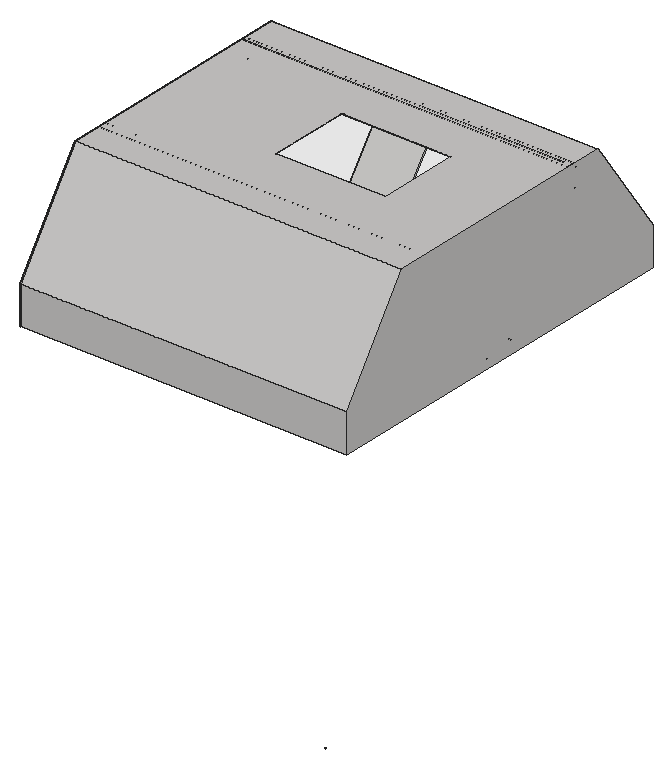
Revit family "QF_ELECTROLUXPROFESSIONAL_642345_BC1412DT", category Specialty Equipment, Revit 2014
Reference planes
  plane 1: z = 0
  plane 2 "Center (Left/Right)": x = 150
  plane 3 "LEFT": x = -450
  plane 4 "RIGHT": x = 750
  plane 5 "BACK": y = 550
  plane 6 "TOP": z = 2500
  plane 7 "Base": z = 2000
  plane 8: z = 1946
  plane 9: x = -447
  plane 10 "DrainX": x = 599
  plane 11 "AOLeft2": x = 450
  plane 12: x = 747
  plane 13: x = -250
  plane 14: x = 550
  plane 15: x = 50
  plane 16: x = 250
  plane 17 "AOLeft1": x = 50
  plane 18: y = 0
  plane 19: y = -300
  plane 20 "Center (Front/Back)": y = -150
  plane 21: y = -850
  plane 22: through (0, -201.379, 2046.209) normal (0, 0.8019, 0.5974)
  plane 23: through (0, -98.621, 2046.209) normal (0, 0.8019, -0.5974)
  plane 24: z = 2140
Forms (mm)
  Extrusion 1, solid, material "QF_Finishes_Stainless Steel"
    sketch origin (-450, 0, 360) x (0, 1, 0) y (0, 0, 1)
      loop
        line (550, 1640) -> (550, 1780) -> (299.446, 2140) -> (-599.446, 2140) -> (-850, 1780) -> (-850, 1640) -> (550, 1640)
    from 0 to 3
  Extrusion 2, solid, material "QF_Finishes_Stainless Steel"
    sketch origin (750, 0, 360) x (0, 1, 0) y (0, 0, 1)
      loop
        line (550, 1640) -> (550, 1780) -> (299.446, 2140) -> (-599.446, 2140) -> (-850, 1780) -> (-850, 1640) -> (550, 1640)
    from 0 to -3
  Extrusion 3, solid, material "QF_Finishes_Stainless Steel"
    sketch origin (150, 0, 360) x (0, 1, 0) y (0, 0, 1)
      loop
        line (-599.446, 2140) -> (-850, 1780) -> (-850, 1640) -> (-840, 1640) -> (-840, 1640.8) -> (-849.2, 1640.8) -> (-849.2, 1779.739) -> (-599.025, 2139.19) -> (299.025, 2139.19) -> (549.2, 1779.739) -> (549.2, 1640.8) -> (540, 1640.8) -> (540, 1640) -> (550, 1640) -> (550, 1780) -> (299.446, 2140) -> (-599.446, 2140)
    from -600 to 600
  Extrusion 4, void
    sketch origin (0, 0, 2500) x (0, 1, 0) y (-1, 0, 0)
      loop
        line (0, -450) -> (0, -50) -> (-300, -50) -> (-300, -450) -> (0, -450)
    from 0 to -10
  Extrusion 5, solid, material "QF_Finishes_Stainless Steel"
    sketch origin (0, 0, 0) x (1, 0, 0) y (0, 1, 0)
      loop
        line (-450, 550) -> (-450, 549) -> (-449, 549) -> (-449, 550) -> (-450, 550)
    from 0 to 1
  Extrusion 6, solid, material "QF_Finishes_Stainless Steel"
    sketch origin (150, -400, 360) x (0, 1, 0) y (0, 0, 1)
      loop
        line (-98.883, 2085.553) -> (198.621, 1686.209) -> (214.66, 1698.157) -> (-82.844, 2097.501) -> (-98.883, 2085.553)
      loop
        line (598.883, 2085.553) -> (582.844, 2097.501) -> (285.34, 1698.157) -> (301.379, 1686.209) -> (598.883, 2085.553)
    from -400 to -597
  Extrusion 7, solid, material "QF_Finishes_Stainless Steel"
    sketch origin (150, -400, 360) x (0, 1, 0) y (0, 0, 1)
      loop
        arc (316.056, 1704.554) -> (315.455, 1704.706) -> (314.923, 1704.389) r 0.81
        line (314.923, 1704.389) -> (300.465, 1684.991) -> (283.389, 1687.002) -> (286.391, 1712.615) -> (285.593, 1712.708) -> (282.594, 1687.095)
        arc (282.594, 1687.095) -> (282.763, 1686.499) -> (283.305, 1686.197) r 0.81
        line (283.305, 1686.197) -> (300.372, 1684.196)
        arc (300.372, 1684.196) -> (300.787, 1684.257) -> (301.116, 1684.517) r 0.81
        line (301.116, 1684.517) -> (315.564, 1703.911) -> (326.308, 1695.919) -> (300.145, 1660.79) -> (199.855, 1660.79) -> (173.692, 1695.919) -> (184.436, 1703.911) -> (198.884, 1684.517)
        arc (198.884, 1684.517) -> (199.213, 1684.257) -> (199.628, 1684.196) r 0.81
        line (199.628, 1684.196) -> (216.695, 1686.197)
        arc (216.695, 1686.197) -> (217.237, 1686.499) -> (217.406, 1687.095) r 0.81
        line (217.406, 1687.095) -> (214.407, 1712.708) -> (213.609, 1712.615) -> (216.611, 1687.002) -> (199.535, 1684.991) -> (185.077, 1704.389)
        arc (185.077, 1704.389) -> (184.545, 1704.706) -> (183.944, 1704.554) r 0.81
        line (183.944, 1704.554) -> (173.214, 1696.561)
        arc (173.214, 1696.561) -> (172.897, 1696.028) -> (173.049, 1695.427) r 0.81
        line (173.049, 1695.427) -> (199.157, 1660.381)
        arc (199.157, 1660.381) -> (199.5, 1660.093) -> (199.937, 1659.99) r 0.972
        line (199.937, 1659.99) -> (300.049, 1659.99)
        arc (300.049, 1659.99) -> (300.498, 1660.096) -> (300.851, 1660.393) r 1
        line (300.851, 1660.393) -> (326.951, 1695.427)
        arc (326.951, 1695.427) -> (327.103, 1696.028) -> (326.786, 1696.561) r 0.81
        line (326.786, 1696.561) -> (316.056, 1704.554)
      loop
        line (-92.735, 2139.19) -> (-92.735, 2129.205) -> (-117.587, 2110.686)
        arc (-117.587, 2110.686) -> (-117.904, 2110.153) -> (-117.752, 2109.552) r 0.81
        line (-117.752, 2109.552) -> (-84.894, 2065.446) -> (-95.625, 2057.438) -> (-95.147, 2056.796) -> (-84.418, 2064.79)
        arc (-84.418, 2064.79) -> (-84.1, 2065.322) -> (-84.252, 2065.923) r 0.81
        line (-84.252, 2065.923) -> (-117.117, 2110.038) -> (-91.935, 2128.798) -> (-91.935, 2138.4) -> (-62.776, 2138.4) -> (-62.776, 2070.563) -> (-61.976, 2069.49) -> (-61.976, 2139.19) -> (-92.735, 2139.19)
      loop
        line (592.735, 2139.19) -> (561.976, 2139.19) -> (561.976, 2069.49) -> (562.776, 2070.563) -> (562.776, 2138.4) -> (591.935, 2138.4) -> (591.935, 2128.798) -> (617.117, 2110.038) -> (584.252, 2065.923)
        arc (584.252, 2065.923) -> (584.1, 2065.322) -> (584.418, 2064.79) r 0.81
        line (584.418, 2064.79) -> (595.147, 2056.796) -> (595.625, 2057.438) -> (584.894, 2065.446) -> (617.752, 2109.552)
        arc (617.752, 2109.552) -> (617.904, 2110.153) -> (617.587, 2110.686) r 0.81
        line (617.587, 2110.686) -> (592.735, 2129.205) -> (592.735, 2139.19)
    from -597 to 597
  Extrusion 8, solid, material "QF_Finishes_Stainless Steel"
    sketch origin (150, -400, 360) x (0, 1, 0) y (0, 0, 1)
      loop
        line (-98.883, 2085.553) -> (198.621, 1686.209) -> (214.66, 1698.157) -> (-82.844, 2097.501) -> (-98.883, 2085.553)
      loop
        line (598.883, 2085.553) -> (582.844, 2097.501) -> (285.34, 1698.157) -> (301.379, 1686.209) -> (598.883, 2085.553)
    from 597 to 400
  Extrusion 9, solid, material "QF_Finishes_Stainless Steel"
    sketch origin (150, -400, 360) x (0, 1, 0) y (0, 0, 1)
      loop
        line (-98.883, 2085.553) -> (198.621, 1686.209) -> (214.66, 1698.157) -> (-82.844, 2097.501) -> (-98.883, 2085.553)
      loop
        line (598.883, 2085.553) -> (582.844, 2097.501) -> (285.34, 1698.157) -> (301.379, 1686.209) -> (598.883, 2085.553)
    from -100 to 100
  Extrusion 10, solid, material "QF_Finished_Chrome"
    sketch origin (150, -400, 360) x (0, 1, 0) y (0, 0, 1)
      loop
        line (-98.883, 2085.553) -> (198.621, 1686.209) -> (214.66, 1698.157) -> (-82.844, 2097.501) -> (-98.883, 2085.553)
      loop
        line (598.883, 2085.553) -> (582.844, 2097.501) -> (285.34, 1698.157) -> (301.379, 1686.209) -> (598.883, 2085.553)
    from -400 to -100
  Extrusion 11, solid, material "QF_Finished_Chrome"
    sketch origin (150, -400, 360) x (0, 1, 0) y (0, 0, 1)
      loop
        line (-98.883, 2085.553) -> (198.621, 1686.209) -> (214.66, 1698.157) -> (-82.844, 2097.501) -> (-98.883, 2085.553)
      loop
        line (598.883, 2085.553) -> (582.844, 2097.501) -> (285.34, 1698.157) -> (301.379, 1686.209) -> (598.883, 2085.553)
    from 100 to 400
  Sweep 12, solid, material "QF_Finishes_Stainless Steel"
    path origin (0, 0, 0) x (1, 0, 0) y (0, 1, 0)
      loop
        line (750, 550) -> (-450, 550) -> (-450, -850) -> (750, -850) -> (750, 550)
    profile origin (750, -150, 0) x (1, 0, 0) y (0, 0, 1)
      loop
        line (-3, 2000) -> (-3, 2000.8) -> (-19, 2000.8) -> (-19, 2010) -> (-20, 2010) -> (-20, 2000) -> (-3, 2000)
  Extrusion 13, solid, material "QF_Finishes_Stainless Steel"
    sketch origin (599, 0, 0) x (0, 1, 0) y (0, 0, 1)
      loop
        arc (-118.5, 1946) -> (-111.429, 1948.929) -> (-108.5, 1956) r 10
        line (-108.5, 1956) -> (-108.5, 2000.8) -> (-191.5, 2000.8) -> (-191.5, 1956)
        arc (-191.5, 1956) -> (-188.571, 1948.929) -> (-181.5, 1946) r 10
        line (-181.5, 1946) -> (-118.5, 1946)
    from -90 to 90
  Extrusion 14, solid, material "QF_Finishes_Stainless Steel"
    sketch origin (0, -1100, 2000) x (0, 1, 0) y (-1, 0, 0)
      loop
        circle (950, -599) r 6.35
    from -3.799 to 0
Cuts and joins
  Extrusion 4 cuts Extrusion 3
  joined: Extrusion 2, Extrusion 3, Sweep 12
Lines and regions (mm)
  symbolic lines, style "SpecialityEquipment", detail levels coarse
    curve 1: line (750, 550, 2500) -> (-450, 550, 2500)
    curve 2: line (-450, 550, 2500) -> (-450, -850, 2500)
    curve 3: line (750, -850, 2500) -> (750, 550, 2500)
    curve 4: line (-450, 299.025, 0) -> (749.504, -599.025, 0)
    curve 5: line (749.568, 299.025, 0) -> (-450, -599.025, 0)
  symbolic lines, detail levels coarse
    curve 6: line (50, -300, 0) -> (450, -300, 0)
    curve 7: line (50, 0, 0) -> (50, -300, 0)
    curve 8: line (450, 0, 0) -> (50, 0, 0)
    curve 9: line (450, -300, 0) -> (450, 0, 0)
    curve 10: line (-450, 299.025, 0) -> (749.568, 299.025, 0)
    curve 11: line (749.504, -599.025, 0) -> (-450, -599.025, 0)
    curve 12: line (747, -849.2, 0) -> (-450, -849.2, 0)
Dimensions and locks
  plane 3 "LEFT" to plane 4 "RIGHT" = 1200 mm
  equal spacing: plane 3 "LEFT", plane 2 "Center (Left/Right)", plane 4 "RIGHT"
  plane 3 "LEFT" to plane 9 = 3 mm
  plane 10 "DrainX" to plane 4 "RIGHT" = 151 mm
  plane 12 to plane 4 "RIGHT" = 3 mm
  plane 3 "LEFT" to plane 13 = 200 mm
  plane 14 to plane 4 "RIGHT" = 200 mm
  locked: plane 7 "Base" to level at 2000
  locked: plane 15 to plane 16 at 200
  equal spacing: plane 15, plane 2 "Center (Left/Right)", plane 16
  plane 7 "Base" to plane 8 = 54 mm
  locked: plane 6 "TOP" to plane 7 "Base" at 500
  plane 5 "BACK" to plane 21 = 1400 mm  (x2)
  equal spacing: plane 5 "BACK", plane 20 "Center (Front/Back)", plane 21
  plane 19 to plane 18 = 300 mm
  equal spacing: plane 19, plane 20 "Center (Front/Back)", plane 18
  plane 24 to plane 7 "Base" = 140 mm
  locked: plane 17 "AOLeft1" to plane 11 "AOLeft2" at 400
  aligned and locked: level to plane 1
  aligned and locked: plane 4 "RIGHT" to Extrusion 3
  aligned and locked: Extrusion 3 to plane 3 "LEFT"
  aligned and locked: Extrusion 6 to plane 9
  aligned and locked: plane 13 to Extrusion 6
  aligned and locked: Extrusion 2 to plane 12
  aligned and locked: plane 12 to Extrusion 8
  aligned and locked: Extrusion 8 to plane 14
  aligned and locked: plane 16 to Extrusion 9
  aligned and locked: Extrusion 9 to plane 15
  aligned and locked: plane 15 to Extrusion 10
  aligned and locked: Extrusion 10 to plane 13
  aligned and locked: Extrusion 11 to plane 16
  aligned and locked: Extrusion 11 to plane 14
  aligned and locked: Extrusion 7 to plane 9
  aligned and locked: plane 12 to Extrusion 7
  aligned and locked: Extrusion 4 to plane 17 "AOLeft1"
  aligned and locked: Extrusion 4 to plane 11 "AOLeft2"
  aligned and locked: plane 19 to Extrusion 4
  aligned and locked: plane 18 to Extrusion 4
Automatic sketch dimensions
  Extrusion 4 sketch curve to plane 11 "AOLeft2" = 0 mm
  Extrusion 4 sketch curve to plane 17 "AOLeft1" = 0 mm
  Extrusion 5 sketch curve to plane 3 "LEFT" = 0 mm
  Extrusion 5 sketch curve to plane 5 "BACK" = 0 mm
  plane 3 "LEFT" to Extrusion 5 sketch curve = 1 mm
  Extrusion 5 sketch curve to Extrusion 5 sketch curve = 1 mm
  Sweep 12 sketch curve to plane 3 "LEFT" = 0 mm
  Sweep 12 sketch curve to plane 4 "RIGHT" = 0 mm
  Sweep 12 sketch curve to plane 5 "BACK" = 0 mm
  profile plane to Sweep 12 sketch curve = 20 mm
  Sweep 12 sketch curve to Sweep 12 sketch curve = 1 mm
  profile plane to Sweep 12 sketch curve = 3 mm
  level to Sweep 12 sketch curve = 2000 mm
  Sweep 12 sketch curve to Sweep 12 sketch curve = 0.8 mm
  Sweep 12 sketch curve to Sweep 12 sketch curve = 9.2 mm
  plane 19 to Sweep 12 sketch curve = 550 mm
  plane 19 to Extrusion 4 sketch curve = 0 mm
  Extrusion 4 sketch curve to plane 18 = 0 mm
  Extrusion 14 sketch curve to plane 10 "DrainX" = 0 mm
  Extrusion 14 sketch curve to plane 20 "Center (Front/Back)" = 0 mm
  Extrusion 13 sketch curve to plane 8 = 0 mm
  plane 8 to Extrusion 13 sketch curve = 10 mm
  Extrusion 13 sketch curve to plane 20 "Center (Front/Back)" = 41.5 mm
  plane 20 "Center (Front/Back)" to Extrusion 13 sketch curve = 31.5 mm
  plane 7 "Base" to Extrusion 13 sketch curve = 0.8 mm
  plane 20 "Center (Front/Back)" to Extrusion 13 sketch curve = 41.5 mm
  plane 19 to Extrusion 6 sketch curve = 198.883 mm
  Extrusion 6 sketch curve to plane 6 "TOP" = 42.499 mm  (x2)
  Extrusion 6 sketch curve to Extrusion 6 sketch curve = 16.039 mm  (x2)
  Extrusion 6 sketch curve to plane 20 "Center (Front/Back)" = 51.379 mm
  plane 20 "Center (Front/Back)" to Extrusion 6 sketch curve = 35.34 mm
  plane 18 to Extrusion 6 sketch curve = 182.844 mm
  Extrusion 6 sketch curve to Extrusion 6 sketch curve = 11.948 mm  (x2)
  Extrusion 7 sketch curve to plane 6 "TOP" = 30.448 mm  (x2)
  plane 19 to Extrusion 7 sketch curve = 217.752 mm
  Extrusion 7 sketch curve to plane 6 "TOP" = 29.314 mm  (x2)
  Extrusion 7 sketch curve to Extrusion 7 sketch curve = 0.166 mm  (x3)
  Extrusion 7 sketch curve to plane 6 "TOP" = 29.962 mm  (x2)
  Extrusion 7 sketch curve to Extrusion 7 sketch curve = 0.47 mm  (x2)
  Extrusion 7 sketch curve to Extrusion 7 sketch curve = 0.014 mm  (x2)
  Extrusion 7 sketch curve to plane 6 "TOP" = 82.562 mm  (x2)
  Extrusion 7 sketch curve to Extrusion 7 sketch curve = 22.127 mm
  Extrusion 7 sketch curve to plane 6 "TOP" = 83.204 mm  (x2)
  Extrusion 7 sketch curve to Extrusion 7 sketch curve = 0.478 mm  (x5)
  Extrusion 7 sketch curve to plane 6 "TOP" = 0.81 mm  (x2)
  Extrusion 7 sketch curve to Extrusion 7 sketch curve = 24.852 mm
  Extrusion 7 sketch curve to Extrusion 7 sketch curve = 0.8 mm  (x5)
  Extrusion 7 sketch curve to Extrusion 7 sketch curve = 10.724 mm
  Extrusion 7 sketch curve to plane 6 "TOP" = 74.554 mm  (x2)
  Extrusion 7 sketch curve to Extrusion 7 sketch curve = 0.008 mm  (x6)
  Extrusion 7 sketch curve to plane 6 "TOP" = 75.21 mm  (x2)
  Extrusion 7 sketch curve to plane 6 "TOP" = 74.077 mm  (x2)
  Extrusion 7 sketch curve to Extrusion 7 sketch curve = 0.642 mm  (x2)
  Extrusion 7 sketch curve to plane 6 "TOP" = 69.437 mm  (x2)
  Extrusion 7 sketch curve to Extrusion 7 sketch curve = 21.476 mm  (x2)
  Extrusion 7 sketch curve to plane 19 = 73.049 mm
  Extrusion 7 sketch curve to Extrusion 7 sketch curve = 0.006 mm  (x4)
  Extrusion 7 sketch curve to Extrusion 7 sketch curve = 10.73 mm  (x3)
  Extrusion 7 sketch curve to Extrusion 7 sketch curve = 0.484 mm  (x4)
  Extrusion 7 sketch curve to Extrusion 7 sketch curve = 0.641 mm  (x2)
  Extrusion 7 sketch curve to Extrusion 7 sketch curve = 14.448 mm
  plane 7 "Base" to Extrusion 7 sketch curve = 20.381 mm
  Extrusion 7 sketch curve to Extrusion 7 sketch curve = 0.273 mm
  Extrusion 7 sketch curve to Extrusion 7 sketch curve = 0.65 mm  (x2)
  Extrusion 7 sketch curve to Extrusion 7 sketch curve = 0.001 mm  (x4)
  Extrusion 7 sketch curve to Extrusion 7 sketch curve = 0.093 mm  (x2)
  plane 7 "Base" to Extrusion 7 sketch curve = 20.79 mm
  Extrusion 7 sketch curve to Extrusion 7 sketch curve = 0.698 mm
  Extrusion 7 sketch curve to Extrusion 7 sketch curve = 0.081 mm
  Extrusion 7 sketch curve to Extrusion 7 sketch curve = 28.531 mm
  Extrusion 7 sketch curve to Extrusion 7 sketch curve = 0.799 mm  (x2)
  Extrusion 7 sketch curve to Extrusion 7 sketch curve = 17.067 mm  (x2)
  Extrusion 7 sketch curve to Extrusion 7 sketch curve = 0.01 mm  (x4)
  Extrusion 7 sketch curve to Extrusion 7 sketch curve = 0.094 mm
  Extrusion 7 sketch curve to Extrusion 7 sketch curve = 0.795 mm  (x2)
  plane 20 "Center (Front/Back)" to Extrusion 7 sketch curve = 32.594 mm
  Extrusion 7 sketch curve to Extrusion 7 sketch curve = 0.71 mm
  Extrusion 7 sketch curve to Extrusion 7 sketch curve = 2.998 mm
  Extrusion 7 sketch curve to Extrusion 7 sketch curve = 16.745 mm
  Extrusion 7 sketch curve to Extrusion 7 sketch curve = 0.095 mm
  plane 7 "Base" to Extrusion 7 sketch curve = 20.393 mm
  Extrusion 7 sketch curve to Extrusion 7 sketch curve = 0.707 mm
  Extrusion 7 sketch curve to Extrusion 7 sketch curve = 0.651 mm
  Extrusion 7 sketch curve to Extrusion 7 sketch curve = 14.456 mm
  Extrusion 7 sketch curve to plane 6 "TOP" = 70.51 mm  (x2)
  plane 18 to Extrusion 7 sketch curve = 161.976 mm
  Extrusion 7 sketch curve to plane 6 "TOP" = 1.6 mm
  Extrusion 7 sketch curve to Extrusion 7 sketch curve = 29.159 mm
  Extrusion 7 sketch curve to Extrusion 7 sketch curve = 24.368 mm
  Extrusion 7 sketch curve to Extrusion 7 sketch curve = 0.636 mm
  Extrusion 7 sketch curve to Extrusion 7 sketch curve = 23.206 mm
  Extrusion 7 sketch curve to Extrusion 7 sketch curve = 23.234 mm
  Extrusion 7 sketch curve to Extrusion 7 sketch curve = 0.321 mm  (x2)
  Extrusion 7 sketch curve to Extrusion 7 sketch curve = 2.001 mm  (x2)
  Extrusion 7 sketch curve to Extrusion 7 sketch curve = 0.804 mm  (x2)
  Extrusion 7 sketch curve to Extrusion 7 sketch curve = 10.911 mm  (x2)
  Extrusion 7 sketch curve to Extrusion 7 sketch curve = 7.993 mm  (x2)
  Extrusion 7 sketch curve to Extrusion 7 sketch curve = 25.613 mm  (x2)
  Extrusion 7 sketch curve to Extrusion 7 sketch curve = 0.407 mm  (x2)
  Extrusion 7 sketch curve to Extrusion 7 sketch curve = 0.79 mm
  Extrusion 3 sketch curve to plane 7 "Base" = 0 mm  (x2)
  Extrusion 3 sketch curve to plane 21 = 0 mm
  Extrusion 3 sketch curve to plane 5 "BACK" = 0 mm
  plane 21 to Extrusion 3 sketch curve = 0.8 mm
  plane 7 "Base" to Extrusion 3 sketch curve = 0.8 mm  (x2)
  Extrusion 3 sketch curve to Extrusion 3 sketch curve = 9.2 mm
  plane 21 to Extrusion 3 sketch curve = 250.554 mm
  Extrusion 3 sketch curve to Extrusion 3 sketch curve = 0.421 mm  (x2)
  Extrusion 3 sketch curve to plane 6 "TOP" = 0.81 mm
  Extrusion 3 sketch curve to plane 5 "BACK" = 250.975 mm
  Extrusion 3 sketch curve to plane 5 "BACK" = 10 mm
  Extrusion 3 sketch curve to plane 5 "BACK" = 0.8 mm
  Extrusion 3 sketch curve to Extrusion 3 sketch curve = 138.939 mm  (x2)
  Extrusion 3 sketch curve to Extrusion 3 sketch curve = 0.261 mm  (x2)
  Extrusion 3 sketch curve to plane 6 "TOP" = 0 mm
  Extrusion 1 sketch curve to plane 7 "Base" = 0 mm
  Extrusion 1 sketch curve to plane 21 = 0 mm
  Extrusion 1 sketch curve to plane 6 "TOP" = 0 mm
  Extrusion 1 sketch curve to plane 5 "BACK" = 0 mm
  Extrusion 1 sketch curve to plane 5 "BACK" = 250.554 mm
  plane 7 "Base" to Extrusion 1 sketch curve = 140 mm
  Extrusion 1 sketch curve to Extrusion 1 sketch curve = 140 mm
  plane 21 to Extrusion 1 sketch curve = 250.554 mm
  plane 19 to Extrusion 10 sketch curve = 198.883 mm
  Extrusion 10 sketch curve to plane 6 "TOP" = 42.499 mm  (x2)
  Extrusion 10 sketch curve to Extrusion 10 sketch curve = 16.039 mm  (x2)
  Extrusion 10 sketch curve to plane 20 "Center (Front/Back)" = 51.379 mm
  plane 20 "Center (Front/Back)" to Extrusion 10 sketch curve = 35.34 mm
  plane 18 to Extrusion 10 sketch curve = 182.844 mm
  Extrusion 10 sketch curve to Extrusion 10 sketch curve = 11.948 mm  (x2)
  plane 19 to Extrusion 9 sketch curve = 198.883 mm
  Extrusion 9 sketch curve to plane 6 "TOP" = 42.499 mm  (x2)
  Extrusion 9 sketch curve to Extrusion 9 sketch curve = 16.039 mm  (x2)
  Extrusion 9 sketch curve to plane 20 "Center (Front/Back)" = 51.379 mm
  plane 20 "Center (Front/Back)" to Extrusion 9 sketch curve = 35.34 mm
  plane 18 to Extrusion 9 sketch curve = 182.844 mm
  Extrusion 9 sketch curve to Extrusion 9 sketch curve = 11.948 mm  (x2)
  plane 19 to Extrusion 11 sketch curve = 198.883 mm
  Extrusion 11 sketch curve to plane 6 "TOP" = 42.499 mm  (x2)
  Extrusion 11 sketch curve to Extrusion 11 sketch curve = 16.039 mm  (x2)
  Extrusion 11 sketch curve to plane 20 "Center (Front/Back)" = 51.379 mm
  plane 20 "Center (Front/Back)" to Extrusion 11 sketch curve = 35.34 mm
  plane 18 to Extrusion 11 sketch curve = 182.844 mm
  Extrusion 11 sketch curve to Extrusion 11 sketch curve = 11.948 mm  (x2)
  plane 19 to Extrusion 8 sketch curve = 198.883 mm
  Extrusion 8 sketch curve to plane 6 "TOP" = 42.499 mm  (x2)
  Extrusion 8 sketch curve to Extrusion 8 sketch curve = 16.039 mm  (x2)
  Extrusion 8 sketch curve to plane 20 "Center (Front/Back)" = 51.379 mm
  plane 20 "Center (Front/Back)" to Extrusion 8 sketch curve = 35.34 mm
  plane 18 to Extrusion 8 sketch curve = 182.844 mm
  Extrusion 8 sketch curve to Extrusion 8 sketch curve = 11.948 mm  (x2)
  curve 4 to plane 3 "LEFT" = 0 mm
  curve 11 to plane 3 "LEFT" = 0 mm
  curve 8 to plane 17 "AOLeft1" = 0 mm
  curve 9 to plane 11 "AOLeft2" = 0 mm
  plane 19 to curve 9 = 0 mm
  curve 8 to plane 18 = 0 mm
  curve 11 to plane 4 "RIGHT" = 0.496 mm
  curve 10 to plane 4 "RIGHT" = 0.432 mm
  plane 21 to curve 11 = 250.975 mm
  curve 10 to plane 5 "BACK" = 250.975 mm
  Extrusion 2 sketch curve to plane 7 "Base" = 0 mm
  Extrusion 2 sketch curve to plane 21 = 0 mm
  Extrusion 2 sketch curve to plane 5 "BACK" = 0 mm
  Extrusion 2 sketch curve to plane 24 = 0 mm  (x2)
  Extrusion 2 sketch curve to plane 5 "BACK" = 250.554 mm
  plane 21 to Extrusion 2 sketch curve = 250.554 mm
  Extrusion 2 sketch curve to plane 6 "TOP" = 0 mm
  curve 2 to plane 3 "LEFT" = 0 mm
  curve 2 to plane 21 = 0 mm
  curve 3 to plane 4 "RIGHT" = 0 mm
  curve 3 to plane 21 = 0 mm
  curve 2 to plane 5 "BACK" = 0 mm
  radius of Extrusion 14 sketch curve = 6.35 mm
Connectors
  hvac at (250, -150, 2500)
    settings: on Extrusion 4, index 2, duct flow 0.0 L/s, flow factor 0, pres drop 0.0 Pa, loss coef 0, conn angle 0.00°, conn width 300 mm, conn height 0 mm, conn diameter 609.6 mm, duct sys type 3, conn prof type 1, flow config 1, flow direction 2, loss method 0, conn ref index -1, conn util no, is conn primary yes, conn desc "EXHAUST OUTLET"
  piping at (599, -150, 1996.201), diameter 12.7
    settings: on Extrusion 14, index 4, connector inside diameter 609.6 mm, connector length 0 mm, flow factor 0, pipe flow 0.0 L/s, pressure drop 0.0 Pa, fitting loss kfactor 0, connector angle 0.00°, fixture units 0, engagement length 0 mm, angle of deflection 0.00°, flow configuration 1, flow direction 2, fitting loss method 0, system type 16, joint type 0, gender type 0, connector reference index -1, connector utility 0, adjustable connector no, is connector primary yes, connector description "Drain"
